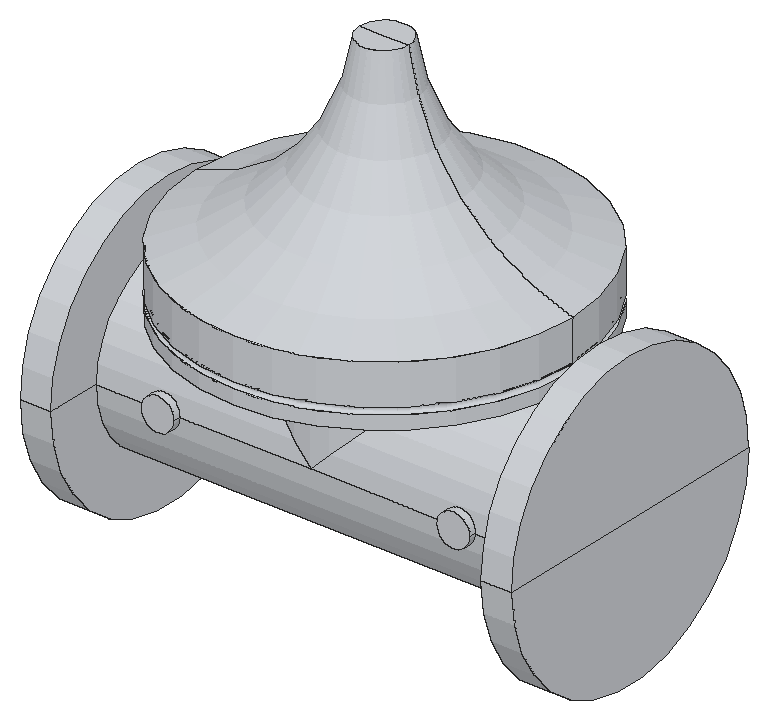
Revit family "55ebfaf2ca354067ad3f2dc083141862", category Pipe Accessories, Revit 2021
Family settings
  Round Connector Dimension = Use Radius
  Part Type = Valve - Breaks Into
  OmniClass Number = 23.65.55.14.17
  OmniClass Title = Adjusting/Controlling Valves for Liquid Services
  Work Plane-Based = No
  Always vertical = Yes
  Cut with Voids When Loaded = No
  Shared = No
Parameters (values of type "4"")
  Valve Material = none
  Symbol Length = 0.5 * Valve Length * tan(30.00°)  # 4.33013"
  Stem Radius = Valve Length / 20  # 3/4"
  Length 1 = 51/256"  # constant formula
  Default Elevation = 0"
  Cover Radius = 5 3/4"
  Body Radius = Nominal Radius * 1.15 + 1/2"  # 2.8"
  Valve Height = 10 159/256"
  Nominal Radius = 2"
  Nominal Diameter = Nominal Radius * 2  # 4"
  K Coefficient = 7
  Flange Thickness = 15/16"
  Flange Radius = 4 65/128"
  Bonnet Radius = Body Radius  # 2.8"
  Bonnet Height = Body Radius + 1/4"  # 3.05"
  Valve Length = 15"
Reference planes (in)
  plane 1 "Center (Front/Back)": y = 0
  plane 2: z = 0
  plane 3 "Center (Left/Right)": x = 0
  plane 4: x = -7.5
  plane 5: x = 7.5
  plane 6: x = -6.5625
  plane 7: x = 6.5625
  plane 8: z = 3.05
  plane 9: z = 3.9875
  plane 10: z = 4.925
  plane 11: y = -4.33013
  plane 12: y = 4.33013
  plane 13: z = 10.62109
  plane 14: y = -2.8
  plane 15: z = 3.675
  plane 16: z = 4.3
  plane 17: z = 3.47578
  plane 18: y = -3
  plane 19: x = -4.50781
  plane 20: x = 4.50781
Forms (in)
  Revolve 1, solid, material <- "Valve Material", detail levels fine
    sketch origin (0, 0, 0) x (1, 0, 0) y (0, 1, 0)
      loop
        line (7.5, 4.50781) -> (6.5625, 4.50781) -> (6.5625, 2.8) -> (-6.5625, 2.8) -> (-6.5625, 4.50781) -> (-7.5, 4.50781) -> (-7.5, 0) -> (7.5, 0) -> (7.5, 4.50781)
      axis (-7.5, 0) -> (7.5, 0)
    angle from 0 to 360
  Revolve 2, solid, material <- "Valve Material", detail levels fine
    sketch origin (0, 0, 0) x (1, 0, 0) y (0, 0, 1)
      loop
        line (0, 10.62109) -> (-0.75, 10.62109)
        arc (-0.75, 10.62109) -> (-2.3623, 6.99383) -> (-5.75, 4.925) r 6.66982
        line (-5.75, 4.925) -> (-5.75, 3.675)
        arc (-5.75, 3.675) -> (-5.65039, 3.57539) -> (-5.75, 3.47578) r 0.09961
        line (-5.75, 3.47578) -> (-5.75, 3.05) -> (-2.8, 3.05) -> (-2.8, 0) -> (0, 0) -> (0, 10.62109)
      axis (0, 10.62109) -> (0, 0)
    angle from 0 to 360
  Extrusion 3, solid, material <- "Valve Material", detail levels fine
    sketch origin (0, 0, 0) x (1, 0, 0) y (0, 0, 1)
      loop
        circle (-4.50781, 0) r 0.5
      loop
        circle (4.50781, 0) r 0.5
    from 0 to 3
Cuts and joins
  joined: Revolve 1, Revolve 2, Extrusion 3
Lines and regions (in)
  model lines, detail levels coarse+medium
    curve 1: line (-7.5, 4.33013, 0) -> (-7.5, -4.33013, 0)
    curve 2: line (7.5, 4.33013, 0) -> (7.5, -4.33013, 0)
    curve 3: line (7.5, -4.33013, 0) -> (-7.5, 4.33013, 0)
    curve 4: line (-7.5, -4.33013, 0) -> (0, 0, 0)
Dimensions and locks (in)
  "Bonnet Height": plane 8 to plane 2
  equal spacing: plane 4, plane 3 "Center (Left/Right)", plane 5
  "Valve Length": plane 4 to plane 5
  "Flange Thickness": plane 4 to plane 6
  "Flange Thickness": plane 7 to plane 5
  "Flange Thickness": plane 9 to plane 8
  "Symbol Length": plane 12 to plane 1 "Center (Front/Back)"
  "Symbol Length": plane 1 "Center (Front/Back)" to plane 11
  "Valve Height": plane 13 to level
  "Flange Radius": Revolve 1 sketch curve to Revolve 1 sketch curve
  "Body Radius": Revolve 1 sketch curve to Revolve 1 sketch curve
  "Body Radius": plane 1 "Center (Front/Back)" to plane 14
  "Flange Thickness": plane 10 to plane 9
  equal spacing: plane 10, plane 16, plane 15, plane 8
  "Length 1": plane 15 to plane 17
  "Bonnet Radius": Revolve 2 sketch curve to Revolve 2 sketch curve
  "Cover Radius": Revolve 2 sketch curve to Revolve 2 sketch curve
  "Stem Radius": Revolve 2 sketch curve to Revolve 2 sketch curve
  locked: plane 14 to plane 18 at 0.2
  "Flange Radius": plane 3 "Center (Left/Right)" to plane 19
  "Flange Radius": plane 20 to plane 3 "Center (Left/Right)"
  aligned and locked: curve 1 to plane 4
  aligned and locked: plane 11 to curve 1
  aligned and locked: plane 12 to curve 1
  aligned and locked: plane 12 to curve 2
  aligned and locked: plane 11 to curve 2
  aligned and locked: plane 1 "Center (Front/Back)" to Revolve 1 sketch curve
  aligned and locked: Revolve 1 sketch curve to Revolve 1 sketch curve  (x2)
  aligned and locked: Revolve 1 sketch curve to plane 6
  aligned and locked: plane 4 to Revolve 1 sketch curve
  aligned and locked: Revolve 1 sketch curve to plane 5
  aligned and locked: plane 7 to Revolve 1 sketch curve
  aligned and locked: Revolve 2 sketch curve to plane 3 "Center (Left/Right)"
  aligned and locked: plane 17 to Revolve 2 sketch curve
  aligned and locked: level to Revolve 2 sketch curve
  aligned and locked: Revolve 2 sketch curve to Revolve 2 sketch curve  (x2)
  aligned and locked: plane 8 to Revolve 2 sketch curve
  aligned and locked: plane 15 to Revolve 2 sketch curve
  aligned and locked: plane 10 to Revolve 2 sketch curve
  aligned and locked: plane 13 to Revolve 2 sketch curve
  aligned and locked: plane 19 to Extrusion 3 sketch curve
  aligned and locked: plane 20 to Extrusion 3 sketch curve
  aligned and locked: level to Extrusion 3 sketch curve  (x2)
  aligned and locked: plane 18 to Extrusion 3
  aligned and locked: Extrusion 3 to plane 1 "Center (Front/Back)"
Automatic sketch dimensions
  plane 1 "Center (Front/Back)" to curve 4 = 0"
  curve 3 to plane 5 = 0"
  Revolve 1 sketch curve to Revolve 1 sketch curve = 10.37698"
  Revolve 1 sketch curve to Revolve 1 sketch curve = 19.62302"
  plane 4 to Revolve 2 sketch curve = 0.12509"
  Revolve 2 sketch curve to level = 14.55718"
  Revolve 2 sketch curve to Revolve 2 sketch curve = 6.82173"
  radius of Extrusion 3 sketch curve = 1/2"  (x2)
Connectors (in)
  piping at (-7.5, 0, 0), diameter 4, driven by "Nominal Radius"
    settings: on cut or joined group of Revolve 1, Revolve 2, Extrusion 3, index 1, connector inside diameter 24", connector length 0", flow factor 0, pipe flow 0 GPM, pressure drop 0.00 psi, fitting loss kfactor 0, connector angle 0.00°, fixture units 0, engagement length 0", angle of deflection 0.00°, flow configuration 0, flow direction 1, fitting loss method 0, system type 29, joint type 0, gender type 0, connector reference index 2, connector utility 0, adjustable connector no, is connector primary yes, connector description "Water In"
  piping at (7.5, 0, 0), diameter 4, driven by "Nominal Radius"
    settings: on cut or joined group of Revolve 1, Revolve 2, Extrusion 3, index 2, connector inside diameter 24", connector length 0", flow factor 0, pipe flow 0 GPM, pressure drop 0.00 psi, fitting loss kfactor 0, connector angle 0.00°, fixture units 0, engagement length 0", angle of deflection 0.00°, flow configuration 0, flow direction 2, fitting loss method 0, system type 29, joint type 0, gender type 0, connector reference index 1, connector utility 0, adjustable connector no, is connector primary no, connector description "Water Out"
